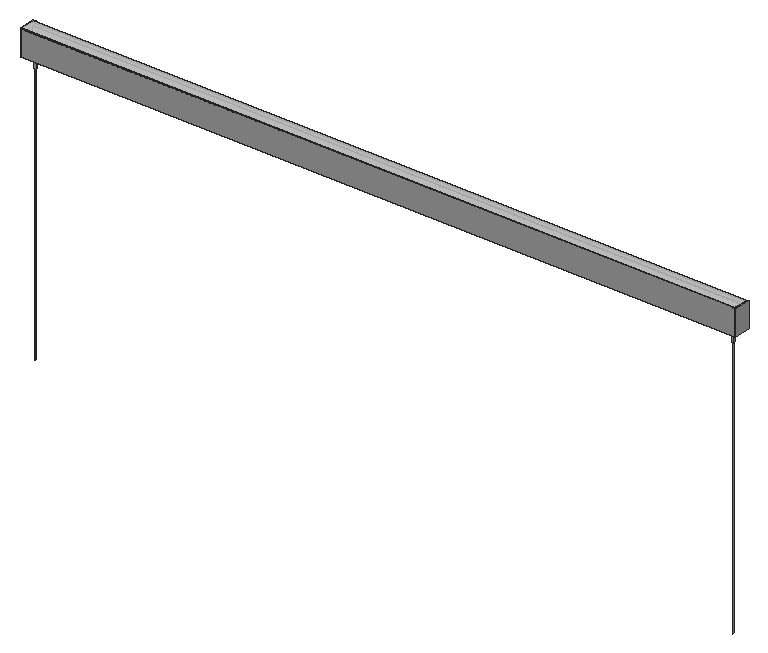
Revit family "2093142 Sylvania Lighting Fixture MC2-KIT 2-4M 4K DALIEM WHT OPAL", category Lighting Fixtures, host Face, Revit 2016
Family settings
  Host = Face
  Part Type = Normal
  Round Connector Dimension = Use Diameter
  OmniClass Number = 23.80.70.11.17
  OmniClass Title = Specialized Lighting by Location or Use
  Cut with Voids When Loaded = No
  Light Source = Yes
  Shared = No
  Room Calculation Point = No
Parameters (values of type "2093142 MC2-KIT 2.4M 4K DALIEM WHT OPAL Emergency mode")
  Width_SYL = 54.0 mm
  Weight = "6.4 kg"
  Wattage = 45 W
  WarrantyStartDate [instance] = "n/a"
  WarrantyGuarantorParts = "n/a"
  WarrantyDurationUnit = "n/a"
  WarrantyDurationParts = "n/a"
  WarrantyDescription = "n/a"
  built-in parameter 1150110 = 1 (stored number, unit not read)
  Voltage = 0 V
  URL = "http://www.sylvania-lighting.com"
  TypeName = "MC2-KIT 2.4M 4K DALIEM WHT OPAL Emergency mode"
  built-in parameter 1114217 = 1 (stored number, unit not read)
  Tilt Angle = -90.00°
  built-in parameter 1150109 = 1 (stored number, unit not read)
  built-in parameter 1150134 = 12
  built-in parameter 1150113 = 1 (stored number, unit not read)
  SerialNumber [instance] = "n/a"
  PowerFactor = 0.98
  PowerConsumption = "45 W"
  NominalWidth = 0.0 mm
  NominalLength = 2400.0 mm
  NominalHeight = 86.0 mm
  Name = "MC2-KIT 2.4M 4K DALIEM WHT OPAL Emergency mode"
  ModelReference = "MC2-KIT 2.4M 4K DALIEM WHT OPAL"
  ModelNumber = "2093142"
  Material_3_SYL = Metal_Sylvania_Mini Contiuum II_Silver
  Photometric Web File = "2093142EM.ies"
  Material_4_SYL = Metal_Sylvania_Mini Contiuum II_Silver
  MountingHeight_SYL [instance] = 1000.0 mm
  Material = "aluminium housing, polycarbonate diffuser"
  ManufacturerName = "Feilo Sylvania"
  LuminousEfficacy = "2.688 lm/W"
  LuminaireType = ""
  LightOutputRatio = "100"
  Length_SYL = 2400.0 mm
  LampsType = Lamp  # "LED"
  LampNominalLuminous = "121 lm"
  LampMacAdamStep = "3"
  LampColourTemperature = "4000 K"
  LampColourRenderingIndex = "80"
  Keynote = "16500"
  InstallationDate [instance] = "n/a"
  InputVoltage = "n/a"
  InputNominalFrequency = "n/a"
  IngressProtection = "IP20"
  ImpactProtectionIndex = "n/a"
  IfcExportType = "IfcLightFixtureType"
  IfcExportAs = "IfcLightFixtureType"
  Height_SYL = 86.0 mm
  ExpectedLife = 50000
  Emit from Rectangle Width = Width_SYL - 2.0 mm  # 52.0 mm
  Emit from Rectangle Length = Length_SYL  # 2400.0 mm
  Emit Shape Visible in Rendering = no
  ElectricShockClassification = "Class I"
  DurationUnit = "hours"
  DocumentationLiterature = "http://www.sylvania-lighting.com/product/en-int/products/2093142"
  DimmingControlOptions = "n/a"
  CreatedOn = "10/15/2018"
  CreatedBy = "@sylvania-lighting.com"
  built-in parameter 1114216 [instance] = 1 (stored number, unit not read)
  Model = "MC2-KIT 2.4M 4K DALIEM WHT OPAL"
  Manufacturer = "Feilo Sylvania"
  built-in parameter 1150105 = 9.6289 (stored number, unit not read)
  Lumens = 121 lm
  built-in parameter 1150115 = 1 (stored number, unit not read)
  built-in parameter 1150137 = (empty or 0)
  built-in parameter 1150139 = (empty or 0)
  built-in parameter 1150112 = 1 (stored number, unit not read)
  built-in parameter 1150114 = 1 (stored number, unit not read)
  Lamp = "LED"
  built-in parameter 1150132 = 2
  built-in parameter 1150102 = (empty or 0)
  built-in parameter 1150107 = 4000 (stored number, unit not read)
  built-in parameter 1150138 = (empty or 0)
  built-in parameter 1150106 = 0.096289 (stored number, unit not read)
  Material_1_SYL = Metal_Sylvania_Mini Continuum II_White
  built-in parameter 1150104 = 0.24981 (stored number, unit not read)
  Dimming Lamp Color Temperature Shift = <None>
  Material_2_SYL = Polycarbonate_Sylvania_Mini Continuum II_Opal_4000K
  Description = "2093142   MC2-KIT 2.4M 4K DALIEM WHT OPAL  Continuous lines of LED light, white RAL 9016, direct distribution, suspended kit version is pre-wired and supplied complete with end caps and suspension cables, compact and minimalist design based on the Golden Mean, ideal for offices, meeting rooms, corridors, education facilities, museums and libraries, extruded aluminium body, diffuser: opal, colour temperature: 4000K neutral white, total system power: 45W, total fixture output: 4414lm, emergency output: 236lm, luminaire efficacy: 98lm/W, LOR: 100%, colour rendering: Ra >80, LED Chromacity: 1 step MacAdam ellipse, lifetime: 60,000 hours at 90% of the original output (L90), energy class: A++, A+, A, IR/UV free light source without heat radiation, operating voltage: 220-240V / 50-60Hz, drive current: 800mA, electronic driver, DALI dimmable, integral emergency: 3 hour maintained, electrical protection: CLASS I, IP20, suitable for internal environment only."
  Default Elevation = 0.0 mm
  Color Filter = 16777215
  built-in parameter 1140040 [instance] = 1
  BarCode [instance] = "n/a"
  built-in parameter 1114218 = 1 (stored number, unit not read)
  built-in parameter 1150133 = 10 (stored number, unit not read)
  AssetType = "Fixed"
  AssetIdentifier [instance] = "n/a"
  Assembly Code = "D5020200"
  Apparent Load = 45 VA
Types (2, lengths in mm): name | TypeName | Name | Photometric Web File | LuminousEfficacy | LampNominalLuminous | built-in parameter 1150105 | Lumens | built-in parameter 1150106 | built-in parameter 1150104
  2093142 MC2-KIT 2.4M 4K DALIEM WHT OPAL Emergency mode | "MC2-KIT 2.4M 4K DALIEM WHT OPAL Emergency mode" | "MC2-KIT 2.4M 4K DALIEM WHT OPAL Emergency mode" | "2093142EM.ies" | "2.688 lm/W" | "121 lm" | 9.6289 (stored number, unit not read) | 121 lm | 0.096289 (stored number, unit not read) | 0.24981 (stored number, unit not read)
  2093142 MC2-KIT 2.4M 4K DALIEM WHT OPAL | "MC2-KIT 2.4M 4K DALIEM WHT OPAL" | "MC2-KIT 2.4M 4K DALIEM WHT OPAL" | "2093142.ies" | "104 lm/W" | "4680 lm" | 372.42 (stored number, unit not read) | 4680 lm | 3.7242 (stored number, unit not read) | 9.6619 (stored number, unit not read)
Reference planes
  plane 1 "Center (Front/Back)": y = 0
  plane 2 "Bottom Fixtures": z = 0
  plane 3 "Center (Left/Right)": x = 0
  plane 4 "Fixture Left": x = -1200
  plane 5 "Fixture Right": x = 1200
  plane 6 "Fixture Bottom": z = 1000
  plane 7: z = 998
  plane 8: z = 996
  plane 9: z = 986.951
  plane 10: z = 956.951
  plane 11 "Fixture Top": z = 914
  plane 12 "Mounting Right": x = 1172
  plane 13 "Mounting Left": x = -1172
  plane 14: z = 879
  plane 15: y = 27
  plane 16: y = -27
  plane 17: y = -26
  plane 18: y = -25
  plane 19: y = 26
  plane 20: y = 25
  plane 21: y = 11
  plane 22: y = -11
  plane 23: y = 24
  plane 24: y = 22
  plane 25: y = -22
  plane 26: y = 15
  plane 27: y = -15
  plane 28 "Upper Diffuser Left": x = -1050
  plane 29 "Upper Diffuser Right": x = 1050
  plane 30: x = -1202
  plane 31: x = 1202
Forms (mm)
  Extrusion 1, solid, material "Metal_Sylvania_Mini Continuum II_White" <- "Material_1_SYL", detail levels fine
    sketch origin (0, 0, 520) x (0, 1, 0) y (0, 0, 1)
      loop
        line (27, 480) -> (26, 480) -> (26, 478) -> (25, 478) -> (25, 396) -> (13, 396) -> (13, 398) -> (-13, 398) -> (-13, 396) -> (-25, 396) -> (-25, 478) -> (-26, 478) -> (-26, 480) -> (-27, 480) -> (-27, 394) -> (-11, 394) -> (-11, 396) -> (11, 396) -> (11, 394) -> (27, 394) -> (27, 480)
    from -1200 to 1200
  Extrusion 2, solid, material "Polycarbonate_Sylvania_Mini Continuum II_Opal_4000K" <- "Material_2_SYL", detail levels fine
    sketch origin (0, 0, 520) x (0, 1, 0) y (0, 0, 1)
      loop
        line (-26, 480) -> (-26, 478) -> (26, 478) -> (26, 480) -> (-26, 480)
    from -1200 to 1200
  Extrusion 3, solid, material "Metal_Sylvania_Mini Contiuum II_Silver" <- "Material_3_SYL", detail levels fine
    sketch origin (0, 0, 520) x (0, 1, 0) y (0, 0, 1)
      loop
        line (22, 466.951) -> (20.973, 466.951) -> (14.206, 437.951) -> (11, 437.951) -> (11, 436.951) -> (15, 436.951) -> (22, 466.951)
      loop
        line (-15, 436.951) -> (-11, 436.951) -> (-11, 437.951) -> (-14.206, 437.951) -> (-20.973, 466.951) -> (-22, 466.951) -> (-15, 436.951)
    from -1200 to 1200
  Extrusion 4, solid, material "Metal_Sylvania_Mini Continuum II_White" <- "Material_1_SYL", detail levels coarse+medium
    sketch origin (0, 0, 520) x (0, 1, 0) y (0, 0, 1)
      loop
        line (-27, 480) -> (-27, 394) -> (27, 394) -> (27, 480) -> (-27, 480)
    from -1200 to 1200
  Extrusion 5, solid, material "Metal_Sylvania_Mini Contiuum II_Silver" <- "Material_4_SYL", detail levels fine
    sketch origin (0, 0, -86) x (-1, 0, 0) y (0, -1, 0)
      loop
        circle (1172, 0) r 4
      loop
        circle (-1172, 0) r 4
    from 965 to 1002
  Extrusion 6, solid, material "Metal_Sylvania_Mini Contiuum II_Silver" <- "Material_4_SYL", detail levels fine
    sketch origin (0, 0, -86) x (-1, 0, 0) y (0, -1, 0)
      loop
        circle (-1172, 0) r 1
      loop
        circle (1172, 0) r 1
    from 86 to 965
  Extrusion 7, solid, material "Metal_Sylvania_Mini Continuum II_White" <- "Material_1_SYL"
    sketch origin (-1200, 171.684, 1219.2) x (0, 1, 0) y (0, 0, 1)
      loop
        line (-198.684, -305.2) -> (-144.684, -305.2) -> (-144.684, -219.2) -> (-198.684, -219.2) -> (-198.684, -305.2)
    from 0 to -2
  Extrusion 8, solid, material "Metal_Sylvania_Mini Continuum II_White" <- "Material_1_SYL"
    sketch origin (1200, 171.684, 1219.2) x (0, 1, 0) y (0, 0, -1)
      loop
        line (-144.684, 219.2) -> (-144.684, 305.2) -> (-198.684, 305.2) -> (-198.684, 219.2) -> (-144.684, 219.2)
    from 0 to -2
Lines and regions (mm)
  Masking region 1
    outline origin (0, 0, -86) x (-1, 0, 0) y (0, -1, 0)
      loop
        line (1200, -27) -> (1200, 27) -> (-1200, 27) -> (-1200, -27) -> (1200, -27)
  symbolic lines, detail levels fine
    curve 1: line (-1200, 26, -86) -> (1200, 26, -86)
    curve 2: line (-1200, -26, -86) -> (1200, -26, -86)
  model lines, detail levels coarse+medium
    curve 3: line (-1172, 0, 914) -> (-1172, 0, 0)
    curve 4: line (1172, 0, 914) -> (1172, 0, 0)
Dimensions and locks
  host sketch curve to plane 3 "Center (Left/Right)" to host sketch curve = 820.0 mm, 775.047 mm
  equal spacing: plane 4 "Fixture Left", plane 3 "Center (Left/Right)", plane 5 "Fixture Right"
  "Length_SYL": plane 4 "Fixture Left" to plane 5 "Fixture Right"
  plane 6 "Fixture Bottom" to plane 7 to plane 8 to plane 9 to plane 10 = 2.0 mm locked, 2.0 mm locked, 9.049 mm locked, 30.0 mm locked
  locked: Extrusion 1 sketch curve to Extrusion 1 sketch curve at 2
  locked: Extrusion 1 sketch curve to plane 11 "Fixture Top" at 2
  "Height_SYL": plane 6 "Fixture Bottom" to plane 11 "Fixture Top"
  locked: plane 12 "Mounting Right" to plane 5 "Fixture Right" at 28
  locked: plane 4 "Fixture Left" to plane 13 "Mounting Left" at 28
  locked: plane 11 "Fixture Top" to plane 14 at 35
  "MountingHeight_SYL": plane 6 "Fixture Bottom" to plane 2 "Bottom Fixtures"
  equal spacing: plane 15, plane 1 "Center (Front/Back)", plane 16
  "Width_SYL": plane 15 to plane 16
  plane 22 to plane 27 to plane 25 to plane 18 to plane 17 to plane 16 = 4.0 mm locked, 7.0 mm locked, 3.0 mm locked, 1.0 mm locked, 1.0 mm locked
  plane 15 to plane 19 to plane 20 to plane 23 to plane 24 to plane 26 to plane 21 = 1.0 mm locked, 1.0 mm locked, 1.0 mm locked, 2.0 mm locked, 7.0 mm locked, 4.0 mm locked
  locked: plane 4 "Fixture Left" to plane 28 "Upper Diffuser Left" at 150
  locked: plane 29 "Upper Diffuser Right" to plane 5 "Fixture Right" at 150
  equal spacing: plane 30, plane 3 "Center (Left/Right)", plane 31
  locked: plane 30 to plane 4 "Fixture Left" at 2
  aligned and locked: plane 2 "Bottom Fixtures" to host face
  aligned and locked: level to host face
  aligned and locked: plane 5 "Fixture Right" to curve 1
  aligned and locked: plane 4 "Fixture Left" to curve 1
  aligned and locked: plane 4 "Fixture Left" to curve 2
  aligned and locked: plane 5 "Fixture Right" to curve 2
  aligned and locked: Extrusion 1 sketch curve to plane 7
  aligned and locked: plane 6 "Fixture Bottom" to Extrusion 1 sketch curve  (x2)
  aligned and locked: plane 7 to Extrusion 1 sketch curve
  aligned and locked: Extrusion 1 to Extrusion 2 sketch curve
  aligned and locked: Extrusion 2 sketch curve to Extrusion 1  (x3)
  aligned and locked: Extrusion 3 sketch curve to plane 10
  aligned and locked: plane 9 to Extrusion 3 sketch curve
  aligned and locked: Extrusion 3 sketch curve to plane 9
  aligned and locked: Extrusion 4 sketch curve to plane 6 "Fixture Bottom"
  aligned and locked: Extrusion 4 to plane 4 "Fixture Left"
  aligned and locked: Extrusion 2 to plane 4 "Fixture Left"
  aligned and locked: Extrusion 3 to plane 4 "Fixture Left"
  aligned and locked: Extrusion 1 to plane 4 "Fixture Left"
  aligned and locked: Extrusion 4 to plane 5 "Fixture Right"
  aligned and locked: Extrusion 2 to plane 5 "Fixture Right"
  aligned and locked: Extrusion 3 to plane 5 "Fixture Right"
  aligned and locked: Extrusion 1 to plane 5 "Fixture Right"
  aligned and locked: plane 11 "Fixture Top" to Extrusion 4 sketch curve
  aligned and locked: Extrusion 1 sketch curve to plane 11 "Fixture Top"  (x2)
  aligned and locked: Extrusion 1 sketch curve to Extrusion 1 sketch curve
  aligned and locked: plane 6 "Fixture Bottom" to imposter light
  aligned and locked: plane 11 "Fixture Top" to curve 3
  aligned and locked: plane 2 "Bottom Fixtures" to curve 3
  aligned and locked: plane 11 "Fixture Top" to curve 4
  aligned and locked: plane 2 "Bottom Fixtures" to curve 4
  aligned and locked: curve 4 to plane 12 "Mounting Right"
  aligned and locked: curve 3 to plane 13 "Mounting Left"
  aligned and locked: Extrusion 5 to Extrusion 1
  aligned and locked: Extrusion 5 to plane 14
  aligned and locked: plane 14 to Extrusion 6
  aligned and locked: Extrusion 6 to level
  aligned and locked: plane 21 to Extrusion 3 sketch curve
  aligned and locked: Extrusion 3 sketch curve to plane 22
  aligned and locked: Extrusion 7 sketch curve to Extrusion 4  (x4)
  aligned and locked: Extrusion 7 to plane 30
  aligned and locked: plane 4 "Fixture Left" to Extrusion 7
  aligned and locked: Extrusion 8 sketch curve to Extrusion 4  (x4)
  aligned and locked: plane 31 to Extrusion 8
  aligned and locked: plane 5 "Fixture Right" to Extrusion 8
Automatic sketch dimensions
  host sketch curve to host sketch curve = 1047.463 mm
  plane 19 to curve 1 = 0.0 mm
  curve 2 to plane 17 = 0.0 mm
  Masking region 1 sketch curve to plane 5 "Fixture Right" = 0.0 mm
  Masking region 1 sketch curve to plane 4 "Fixture Left" = 0.0 mm
  plane 15 to Masking region 1 sketch curve = 0.0 mm
  Masking region 1 sketch curve to plane 16 = 0.0 mm
  Extrusion 1 sketch curve to plane 16 = 0.0 mm
  Extrusion 1 sketch curve to plane 17 = 0.0 mm
  Extrusion 1 sketch curve to plane 18 = 0.0 mm
  Extrusion 1 sketch curve to plane 22 = 0.0 mm
  Extrusion 1 sketch curve to plane 21 = 0.0 mm
  Extrusion 1 sketch curve to plane 20 = 0.0 mm
  Extrusion 1 sketch curve to plane 19 = 0.0 mm
  Extrusion 1 sketch curve to plane 15 = 0.0 mm
  plane 11 "Fixture Top" to Extrusion 1 sketch curve = 2.0 mm
  Extrusion 1 sketch curve to plane 22 = 2.0 mm
  Extrusion 1 sketch curve to plane 21 = 2.0 mm
  Extrusion 3 sketch curve to plane 25 = 0.0 mm
  Extrusion 3 sketch curve to plane 27 = 0.0 mm
  Extrusion 3 sketch curve to plane 26 = 0.0 mm
  Extrusion 3 sketch curve to plane 24 = 0.0 mm
  plane 10 to Extrusion 3 sketch curve = 1.0 mm
  Extrusion 3 sketch curve to Extrusion 3 sketch curve = 1.027 mm
  plane 27 to Extrusion 3 sketch curve = 0.794 mm
  plane 26 to Extrusion 3 sketch curve = 0.794 mm
  plane 24 to Extrusion 3 sketch curve = 1.027 mm
  Extrusion 4 sketch curve to plane 16 = 0.0 mm
  Extrusion 4 sketch curve to plane 15 = 0.0 mm
  plane 1 "Center (Front/Back)" to Extrusion 5 sketch curve = 0.0 mm  (x2)
  Extrusion 5 sketch curve to plane 12 "Mounting Right" = 0.0 mm
  Extrusion 5 sketch curve to plane 13 "Mounting Left" = 0.0 mm
  plane 1 "Center (Front/Back)" to Extrusion 6 sketch curve = 0.0 mm  (x2)
  Extrusion 6 sketch curve to plane 12 "Mounting Right" = 0.0 mm
  Extrusion 6 sketch curve to plane 13 "Mounting Left" = 0.0 mm
  Extrusion 3 sketch curve to Extrusion 3 sketch curve = 0.0 mm
  Extrusion 3 sketch curve to plane 10 = 0.0 mm
  radius of Extrusion 5 sketch curve = 4.0 mm  (x2)
  radius of Extrusion 6 sketch curve = 1.0 mm  (x2)
Connectors
  electrical at (1200, 0, 949), driven by "Apparent Load"
    settings: on Extrusion 1, index 1, voltage 230 V, apparent load 0 VA, apparent load phase1 45 VA, apparent load phase2 0 VA, apparent load phase3 0 VA, power factor 1, load classification "Lighting", number of poles 1, system type 31, power factor state 1, is connector primary yes, connector utility no, sub classification motor no, connector description ""
